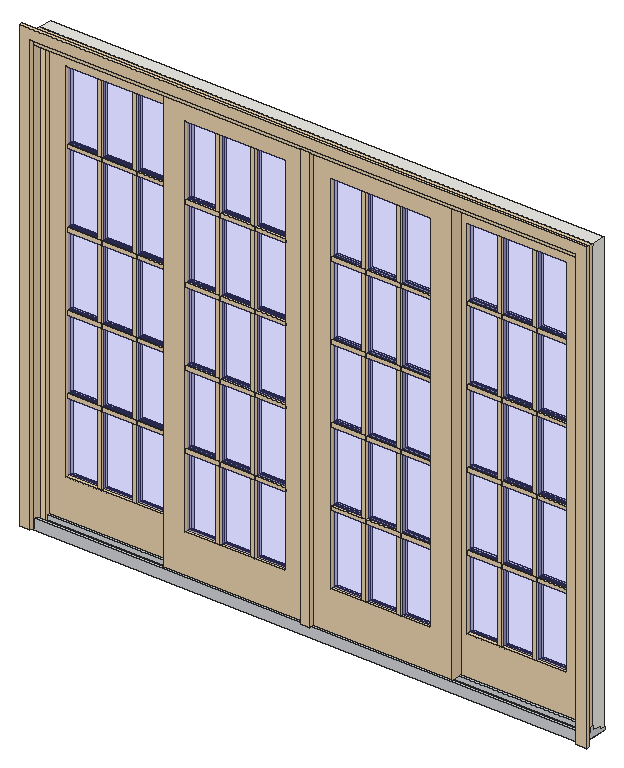
Revit family "Door-Gliding-Andersen-A_Series-Quad 4", category Doors, host Wall, Revit 2013 (continued)
Dimensions and locks (in)
  locked: plane 11 "Frame S1" to plane 10 "Flange" at 1.312
  locked: plane 59 "Panel1 S1" to plane 10 "Flange" at 0.166
  locked: plane 10 "Flange" to plane 68 "Panel 1 Glazing 1" at 0.248
  locked: plane 10 "Flange" to plane 75 "Panel1 Glazing2" at 0.373
  locked: plane 10 "Flange" to plane 78 "Panel1 Glazing3" at 0.88909
  locked: plane 10 "Flange" to plane 67 "Panel1 Glazing 4" at 1.01409
  locked: plane 10 "Flange" to plane 60 "Panel1 S2" at 1.554
  locked: plane 10 "Flange" to plane 53 "Stop Exterior" at 2.02065
  locked: plane 10 "Flange" to plane 50 "Panel2 S1" at 2.168
  locked: plane 10 "Flange" to plane 54 "Stop Interior" at 2.40669
  locked: plane 10 "Flange" to plane 66 "Panel2 Glazing 1" at 2.582
  locked: plane 10 "Flange" to plane 76 "Panel2 Glazing 2" at 2.707
  locked: plane 10 "Flange" to plane 77 "Panel2 Glazing3" at 3.22309
  locked: plane 10 "Flange" to plane 65 "Panel2 Glazing 4" at 3.34809
  locked: plane 10 "Flange" to plane 51 "Panel2 S2" at 3.888
  locked: plane 10 "Flange" to plane 9 "Frame S2" at 4.563
  "Wall Depth": host wall to plane 10 "Flange"
  locked: plane 3 "R Frame" to plane 56 "R Int Stop" at 1.969
  locked: plane 3 "R Frame" to plane 83 "R Ext Stop" at 1.572
  locked: plane 3 "R Frame" to plane 43 "R Panel1" at 1.1875
  locked: plane 3 "R Frame" to plane 82 "R Int Frame" at 1.016
  locked: plane 3 "R Frame" to plane 35 "R Xjamb 1" at 0.75
  locked: plane 3 "R Frame" to plane 34 "R Xjamb 2" at 0.125
  locked: plane 55 "L Int Stop" to plane 4 "L Frame" at 1.969
  locked: plane 80 "L Ext Stop" to plane 4 "L Frame" at 1.572
  locked: plane 42 "L Panel1" to plane 4 "L Frame" at 1.1875
  locked: plane 79 "L Int Frame" to plane 4 "L Frame" at 1.016
  locked: plane 38 "L Xjamb 1" to plane 4 "L Frame" at 0.75
  locked: plane 37 "L Xjamb 2" to plane 4 "L Frame" at 0.125
  plane 71 "L Slide Arrow" to curve 41 = 0' - 2.69739"
  plane 3 "R Frame" to plane 4 "L Frame" = 10' - 0"
  "H DLO": plane 49 "R Glazing1" to plane 63 "R Glazing2"
  "H DLO": plane 64 "L Glazing2" to plane 48 "L Glazing1"
  "H DLO": plane 73 "L Glazing4" to plane 62 "L Glazing3"
  "H DLO": plane 61 "R Glazing3" to plane 72 "R Glazing4"
  equal spacing: plane 72 "R Glazing4", plane 2 "Center (Left/Right)", plane 73 "L Glazing4", locked at 4.875 each
  locked: plane 63 "R Glazing2" to plane 85 "R Panel3" at 4.438
  locked: plane 84 "R Panel2" to plane 61 "R Glazing3" at 4.438
  locked: plane 86 "L Panel3" to plane 64 "L Glazing2" at 4.438
  locked: plane 62 "L Glazing3" to plane 87 "L Panel2" at 4.438
  locked: plane 91 to plane 87 "L Panel2" at 0.25
  locked: plane 86 "L Panel3" to plane 90 at 0.25
  locked: plane 89 to plane 85 "R Panel3" at 0.25
  locked: plane 84 "R Panel2" to plane 88 at 0.25
  locked: plane 74 "R Slide Arrow" to plane 72 "R Glazing4" at 8
  locked: plane 73 "L Glazing4" to plane 71 "L Slide Arrow" at 8
  "VGB DLO": nested 1 to plane 48 "L Glazing1"
  "VGB DLO": plane 62 "L Glazing3" to nested 2
  "VGB DLO": plane 72 "R Glazing4" to nested 7
  "VGB DLO": nested 4 to plane 63 "R Glazing2"
  equal spacing: plane 64 "L Glazing2", nested 3, plane 48 "L Glazing1"
  equal spacing: plane 62 "L Glazing3", nested 6, plane 73 "L Glazing4"
  equal spacing: plane 72 "R Glazing4", nested 8, plane 61 "R Glazing3"
  equal spacing: plane 49 "R Glazing1", nested 5, plane 63 "R Glazing2"
  group 23 to group 22 = 0' - 7.58333"
  group 22 to group 23 = 0' - 0"
  group 23 to group 22 = 0' - 0"
  group 25 to group 24 = 0' - 7.58333"
  group 24 to group 25 = 0' - 0"
  group 25 to group 24 = 0' - 0"
  group 27 to group 26 = 0' - 7.58333"
  group 26 to group 27 = 0' - 0"
  group 27 to group 26 = 0' - 0"
  group 29 to group 28 = 0' - 7.58333"
  group 28 to group 29 = 0' - 0"
  group 29 to group 28 = 0' - 0"
  "VGB DLO": nested 9 to plane 64 "L Glazing2"
  "VGB DLO": nested 10 to plane 73 "L Glazing4"
  "VGB DLO": plane 61 "R Glazing3" to nested 11
  "VGB DLO": plane 49 "R Glazing1" to nested 12
  "TS HGB DLO": nested 15 to plane 47 "T Glazing"
  "TS HGB DLO": nested 18 to plane 47 "T Glazing"
  "TS HGB DLO": nested 19 to plane 47 "T Glazing"
  "TS HGB DLO": nested 17 to plane 47 "T Glazing"
  equal spacing: plane 70 "Vertical Bar Length", nested 13, plane 47 "T Glazing"
  equal spacing: plane 70 "Vertical Bar Length", nested 14, plane 47 "T Glazing"
  equal spacing: plane 70 "Vertical Bar Length", nested 20, plane 47 "T Glazing"
  equal spacing: plane 70 "Vertical Bar Length", nested 16, plane 47 "T Glazing"
  equal spacing: group 30, group 40, group 41, group 31  (x2)
  equal spacing: group 31, group 41, group 40, group 30
  equal spacing: group 32, group 42, group 43, group 33  (x2)
  equal spacing: group 33, group 43, group 42, group 32
  equal spacing: group 34, group 44, group 45, group 35  (x2)
  equal spacing: group 35, group 45, group 44, group 34
  equal spacing: group 36, group 46, group 47, group 37  (x2)
  equal spacing: group 37, group 47, group 46, group 36
  "TS HGB DLO": plane 70 "Vertical Bar Length" to nested 21
  "TS HGB DLO": plane 70 "Vertical Bar Length" to nested 22
  "TS HGB DLO": plane 70 "Vertical Bar Length" to nested 23
  "TS HGB DLO": plane 70 "Vertical Bar Length" to nested 24
  "TS SH DLO": nested 25 to plane 5 "T Frame"
  "TS SH DLO": nested 28 to plane 5 "T Frame"
  "TS SH DLO": nested 27 to plane 5 "T Frame"
  "TS SH DLO": nested 26 to plane 5 "T Frame"
  locked: plane 92 to plane 2 "Center (Left/Right)" at 0.4375
  locked: plane 2 "Center (Left/Right)" to plane 93 at 0.4375
  equal spacing: curve 243, plane 2 "Center (Left/Right)", curve 241
  locked: plane 94 to plane 2 "Center (Left/Right)" at 1
  locked: plane 2 "Center (Left/Right)" to plane 95 at 1
  locked: plane 60 "Panel1 S2" to Extrusion 21 sketch curve at 0.125
  locked: plane 57 "T Stop" to Extrusion 21 sketch curve at 0.125
  locked: Sweep 22 sketch curve to plane 59 "Panel1 S1" at 0.09375
  aligned and locked: plane 6 "Wall S1" to host wall
  aligned and locked: plane 7 "Wall S2" to host wall
  aligned and locked: plane 5 "T Frame" to Extrusion 1 sketch curve
  aligned and locked: plane 4 "L Frame" to Extrusion 1 sketch curve
  aligned and locked: Extrusion 1 sketch curve to plane 3 "R Frame"
  aligned and locked: level to Extrusion 1 sketch curve
  aligned and locked: host wall to Extrusion 1
  aligned and locked: plane 10 "Flange" to Extrusion 1
  aligned and locked: level to Extrusion 2 sketch curve
  aligned and locked: level to Sweep 3 sketch curve  (x2)
  aligned and locked: plane 22 "L Casing 4" to Sweep 3 sketch curve  (x2)
  aligned and locked: plane 31 "T Casing 4" to Sweep 3 sketch curve
  aligned and locked: Sweep 3 sketch curve to plane 19 "R Casing 4"
  aligned and locked: plane 23 "L Casing 3" to Sweep 3 sketch curve
  aligned and locked: plane 12 "Casing S2" to Sweep 3 sketch curve
  aligned and locked: plane 24 "L Casing 2" to Sweep 3 sketch curve
  aligned and locked: Sweep 3 sketch curve to plane 13 "Casing S1"
  aligned and locked: plane 10 "Flange" to Sweep 3 sketch curve
  aligned and locked: Sweep 3 sketch curve to plane 25 "L Casing 1"
  aligned and locked: Sweep 3 sketch curve to plane 12 "Casing S2"
  aligned and locked: level to Extrusion 4 sketch curve  (x2)
  aligned and locked: plane 22 "L Casing 4" to Extrusion 4 sketch curve
  aligned and locked: Extrusion 4 sketch curve to plane 25 "L Casing 1"
  aligned and locked: plane 31 "T Casing 4" to Extrusion 4 sketch curve
  aligned and locked: Extrusion 4 sketch curve to plane 28 "T Casing 1"
  aligned and locked: Extrusion 4 sketch curve to plane 19 "R Casing 4"
  aligned and locked: plane 16 "R Casing 1" to Extrusion 4 sketch curve
  aligned and locked: Extrusion 4 to plane 10 "Flange"
  aligned and locked: plane 12 "Casing S2" to Sweep 3
  aligned and locked: plane 28 "T Casing 1" to curve 3
  aligned and locked: plane 5 "T Frame" to Masking region 1 sketch curve
  aligned and locked: Masking region 1 sketch curve to plane 10 "Flange"
  aligned and locked: Masking region 1 sketch curve to plane 31 "T Casing 4"
  aligned and locked: plane 13 "Casing S1" to Masking region 1 sketch curve
  aligned and locked: Masking region 1 sketch curve to plane 11 "Frame S1"
  aligned and locked: plane 11 "Frame S1" to curve 4
  aligned and locked: Masking region 2 sketch curve to plane 3 "R Frame"
  aligned and locked: plane 4 "L Frame" to Masking region 2 sketch curve
  aligned and locked: plane 5 "T Frame" to Masking region 3 sketch curve
  aligned and locked: plane 9 "Frame S2" to Masking region 3 sketch curve
  aligned and locked: Masking region 3 sketch curve to plane 11 "Frame S1"
  aligned and locked: level to Masking region 3 sketch curve
  aligned and locked: plane 13 "Casing S1" to Masking region 4 sketch curve
  aligned and locked: plane 18 "R Casing 3" to Masking region 4 sketch curve
  aligned and locked: Masking region 4 sketch curve to plane 19 "R Casing 4"
  aligned and locked: plane 16 "R Casing 1" to Masking region 4 sketch curve
  aligned and locked: plane 11 "Frame S1" to Masking region 4 sketch curve
  aligned and locked: plane 3 "R Frame" to Masking region 4 sketch curve
  aligned and locked: Masking region 4 sketch curve to plane 12 "Casing S2"
  aligned and locked: plane 17 "R Casing 2" to Masking region 4 sketch curve
  aligned and locked: Masking region 4 sketch curve to plane 13 "Casing S1"
  aligned and locked: plane 24 "L Casing 2" to Masking region 5 sketch curve
  aligned and locked: plane 13 "Casing S1" to Masking region 5 sketch curve  (x2)
  aligned and locked: Masking region 5 sketch curve to plane 22 "L Casing 4"
  aligned and locked: plane 4 "L Frame" to Masking region 5 sketch curve
  aligned and locked: Masking region 5 sketch curve to plane 11 "Frame S1"
  aligned and locked: plane 25 "L Casing 1" to Masking region 5 sketch curve
  aligned and locked: plane 12 "Casing S2" to Masking region 5 sketch curve
  aligned and locked: plane 23 "L Casing 3" to Masking region 5 sketch curve
  aligned and locked: Masking region 6 sketch curve to plane 13 "Casing S1"
  aligned and locked: Masking region 6 sketch curve to plane 19 "R Casing 4"
  aligned and locked: plane 10 "Flange" to Masking region 6 sketch curve
  aligned and locked: plane 3 "R Frame" to Masking region 6 sketch curve
  aligned and locked: Masking region 7 sketch curve to plane 13 "Casing S1"
  aligned and locked: Masking region 7 sketch curve to plane 4 "L Frame"
  aligned and locked: plane 10 "Flange" to Masking region 7 sketch curve
  aligned and locked: plane 22 "L Casing 4" to Masking region 7 sketch curve
  aligned and locked: curve 4 to plane 5 "T Frame"
  aligned and locked: level to Extrusion 5 sketch curve  (x2)
  aligned and locked: Extrusion 5 sketch curve to plane 33 "R Int Casing"
  aligned and locked: plane 35 "R Xjamb 1" to Extrusion 5 sketch curve
  aligned and locked: plane 39 "T Int Casing" to Extrusion 5 sketch curve
  aligned and locked: Extrusion 5 sketch curve to plane 41 "T Xjamb 1"
  aligned and locked: plane 36 "L Int Casing" to Extrusion 5 sketch curve
  aligned and locked: Extrusion 5 sketch curve to plane 38 "L Xjamb 1"
  aligned and locked: Extrusion 5 to host wall
  aligned and locked: Extrusion 5 to plane 8 "Interior Casing"
  aligned and locked: level to Extrusion 6 sketch curve  (x2)
  aligned and locked: plane 35 "R Xjamb 1" to Extrusion 6 sketch curve
  aligned and locked: Extrusion 6 sketch curve to plane 34 "R Xjamb 2"
  aligned and locked: Extrusion 6 sketch curve to plane 41 "T Xjamb 1"
  aligned and locked: plane 40 "T Xjamb 2" to Extrusion 6 sketch curve
  aligned and locked: Extrusion 6 sketch curve to plane 38 "L Xjamb 1"
  aligned and locked: plane 37 "L Xjamb 2" to Extrusion 6 sketch curve
  aligned and locked: plane 52 "Xjamb S1" to Extrusion 6
  aligned and locked: host wall to Extrusion 6
  aligned and locked: plane 10 "Flange" to Masking region 4 sketch curve
  aligned and locked: Masking region 5 sketch curve to plane 10 "Flange"
  aligned and locked: plane 4 "L Frame" to Sweep 7 sketch curve
  aligned and locked: plane 3 "R Frame" to Sweep 7 sketch curve
  aligned and locked: Sweep 7 sketch curve to level
  aligned and locked: Masking region 8 sketch curve to plane 19 "R Casing 4"
  aligned and locked: plane 22 "L Casing 4" to Masking region 8 sketch curve
  aligned and locked: level to Masking region 8 sketch curve  (x2)
  aligned and locked: level to Masking region 9 sketch curve  (x2)
  aligned and locked: plane 36 "L Int Casing" to Masking region 9 sketch curve
  aligned and locked: Masking region 9 sketch curve to plane 33 "R Int Casing"
  aligned and locked: plane 39 "T Int Casing" to Masking region 9 sketch curve
  aligned and locked: plane 31 "T Casing 4" to Masking region 8 sketch curve
  aligned and locked: plane 12 "Casing S2" to curve 2
  aligned and locked: Sweep 3 to plane 10 "Flange"
  aligned and locked: plane 5 "T Frame" to curve 6
  aligned and locked: Masking region 9 sketch curve to plane 38 "L Xjamb 1"
  aligned and locked: plane 35 "R Xjamb 1" to Masking region 9 sketch curve
  aligned and locked: Masking region 9 sketch curve to plane 41 "T Xjamb 1"
  aligned and locked: plane 4 "L Frame" to Masking region 10 sketch curve
  aligned and locked: plane 5 "T Frame" to Masking region 10 sketch curve
  aligned and locked: Masking region 10 sketch curve to plane 3 "R Frame"
  aligned and locked: level to Masking region 10 sketch curve
  aligned and locked: Masking region 10 sketch curve to plane 45 "B Panel"
  aligned and locked: plane 55 "L Int Stop" to Masking region 10 sketch curve
  aligned and locked: Masking region 10 sketch curve to plane 56 "R Int Stop"
  aligned and locked: plane 57 "T Stop" to Masking region 10 sketch curve
  aligned and locked: Masking region 11 sketch curve to plane 45 "B Panel"
  aligned and locked: plane 44 "T Panel" to Masking region 11 sketch curve
  aligned and locked: plane 60 "Panel1 S2" to curve 19
  aligned and locked: curve 18 to plane 45 "B Panel"
  aligned and locked: curve 17 to plane 59 "Panel1 S1"
  aligned and locked: plane 44 "T Panel" to curve 16
  aligned and locked: curve 21 to plane 50 "Panel2 S1"
  aligned and locked: curve 22 to plane 45 "B Panel"
  aligned and locked: plane 51 "Panel2 S2" to curve 23
  aligned and locked: plane 44 "T Panel" to curve 20
  aligned and locked: Masking region 12 sketch curve to plane 33 "R Int Casing"
  aligned and locked: host wall to Masking region 12 sketch curve
  aligned and locked: plane 35 "R Xjamb 1" to Masking region 12 sketch curve
  aligned and locked: plane 8 "Interior Casing" to Masking region 12 sketch curve
  aligned and locked: Masking region 13 sketch curve to plane 52 "Xjamb S1"
  aligned and locked: Masking region 13 sketch curve to host wall
  aligned and locked: Masking region 13 sketch curve to plane 34 "R Xjamb 2"
  aligned and locked: plane 35 "R Xjamb 1" to Masking region 13 sketch curve
  aligned and locked: host wall to Masking region 14 sketch curve
  aligned and locked: plane 36 "L Int Casing" to Masking region 14 sketch curve
  aligned and locked: plane 8 "Interior Casing" to Masking region 14 sketch curve
  aligned and locked: Masking region 14 sketch curve to plane 38 "L Xjamb 1"
  aligned and locked: Masking region 15 sketch curve to plane 38 "L Xjamb 1"
  aligned and locked: Masking region 15 sketch curve to host wall
  aligned and locked: plane 37 "L Xjamb 2" to Masking region 15 sketch curve
  aligned and locked: Masking region 15 sketch curve to plane 52 "Xjamb S1"
  aligned and locked: plane 7 "Wall S2" to Masking region 16 sketch curve
  aligned and locked: level to Masking region 16 sketch curve
  aligned and locked: plane 8 "Interior Casing" to Masking region 16 sketch curve
  aligned and locked: plane 39 "T Int Casing" to Masking region 16 sketch curve
  aligned and locked: plane 8 "Interior Casing" to curve 38
  aligned and locked: plane 41 "T Xjamb 1" to curve 38
  aligned and locked: Masking region 17 sketch curve to plane 52 "Xjamb S1"
  aligned and locked: level to Masking region 17 sketch curve
  aligned and locked: Masking region 17 sketch curve to host wall
  aligned and locked: plane 40 "T Xjamb 2" to Masking region 17 sketch curve
  aligned and locked: plane 52 "Xjamb S1" to curve 39
  aligned and locked: host wall to curve 39
  aligned and locked: plane 41 "T Xjamb 1" to curve 39
  aligned and locked: plane 42 "L Panel1" to curve 5
  aligned and locked: curve 40 to plane 69 "Panel Elevation Center"
  aligned and locked: plane 71 "L Slide Arrow" to curve 42
  aligned and locked: plane 69 "Panel Elevation Center" to curve 129
  aligned and locked: curve 131 to plane 74 "R Slide Arrow"
  aligned and locked: plane 30 "T Casing 3" to curve 1
  aligned and locked: plane 13 "Casing S1" to curve 1
  aligned and locked: plane 13 "Casing S1" to curve 4
  aligned and locked: plane 13 "Casing S1" to curve 132
  aligned and locked: plane 10 "Flange" to curve 132
  aligned and locked: plane 31 "T Casing 4" to curve 132
  aligned and locked: plane 9 "Frame S2" to curve 133
  aligned and locked: plane 4 "L Frame" to Masking region 8 sketch curve
  aligned and locked: plane 5 "T Frame" to Masking region 8 sketch curve
  aligned and locked: Masking region 8 sketch curve to plane 3 "R Frame"
  aligned and locked: plane 9 "Frame S2" to Masking region 2 sketch curve
  aligned and locked: plane 4 "L Frame" to curve 164
  aligned and locked: curve 164 to plane 10 "Flange"
  aligned and locked: plane 3 "R Frame" to curve 166
  aligned and locked: plane 10 "Flange" to curve 166
  aligned and locked: Extrusion 8 sketch curve to plane 60 "Panel1 S2"  (x2)
  aligned and locked: plane 4 "L Frame" to Extrusion 8 sketch curve
  aligned and locked: plane 9 "Frame S2" to Extrusion 8 sketch curve  (x2)
  aligned and locked: Extrusion 8 sketch curve to plane 79 "L Int Frame"
  aligned and locked: Extrusion 8 sketch curve to curve 142
  aligned and locked: Extrusion 8 sketch curve to curve 141
  aligned and locked: Extrusion 8 sketch curve to plane 55 "L Int Stop"
  aligned and locked: Extrusion 8 sketch curve to plane 3 "R Frame"
  aligned and locked: plane 56 "R Int Stop" to Extrusion 8 sketch curve
  aligned and locked: plane 82 "R Int Frame" to Extrusion 8 sketch curve
  aligned and locked: Extrusion 8 sketch curve to curve 162
  aligned and locked: Extrusion 8 sketch curve to curve 161
  aligned and locked: Extrusion 8 to plane 5 "T Frame"
  aligned and locked: Extrusion 8 to level
  aligned and locked: plane 48 "L Glazing1" to curve 168
  aligned and locked: plane 60 "Panel1 S2" to curve 69
  aligned and locked: curve 171 to plane 64 "L Glazing2"
  aligned and locked: plane 60 "Panel1 S2" to curve 81
  aligned and locked: curve 173 to plane 62 "L Glazing3"
  aligned and locked: plane 51 "Panel2 S2" to curve 87
  aligned and locked: curve 175 to plane 73 "L Glazing4"
  aligned and locked: plane 51 "Panel2 S2" to curve 93
  aligned and locked: curve 177 to plane 72 "R Glazing4"
  aligned and locked: plane 51 "Panel2 S2" to curve 103
  aligned and locked: plane 61 "R Glazing3" to curve 179
  aligned and locked: plane 51 "Panel2 S2" to curve 109
  aligned and locked: plane 63 "R Glazing2" to curve 181
  aligned and locked: plane 60 "Panel1 S2" to curve 119
  aligned and locked: plane 49 "R Glazing1" to curve 183
  aligned and locked: plane 60 "Panel1 S2" to curve 125
  aligned and locked: curve 212 to plane 59 "Panel1 S1"
  aligned and locked: curve 211 to plane 51 "Panel2 S2"
  aligned and locked: curve 205 to plane 60 "Panel1 S2"
  aligned and locked: plane 59 "Panel1 S1" to curve 203
  aligned and locked: plane 59 "Panel1 S1" to curve 222
  aligned and locked: plane 60 "Panel1 S2" to curve 222
  aligned and locked: plane 49 "R Glazing1" to curve 222
  aligned and locked: plane 63 "R Glazing2" to curve 221
  aligned and locked: plane 61 "R Glazing3" to curve 220
  aligned and locked: plane 50 "Panel2 S1" to curve 219
  aligned and locked: plane 51 "Panel2 S2" to curve 219
  aligned and locked: curve 219 to plane 72 "R Glazing4"
  aligned and locked: curve 218 to plane 73 "L Glazing4"
  aligned and locked: plane 50 "Panel2 S1" to curve 217
  aligned and locked: plane 51 "Panel2 S2" to curve 217
  aligned and locked: curve 217 to plane 62 "L Glazing3"
  aligned and locked: plane 59 "Panel1 S1" to curve 215
  aligned and locked: curve 215 to plane 64 "L Glazing2"
  aligned and locked: plane 48 "L Glazing1" to curve 216
  aligned and locked: plane 48 "L Glazing1" to curve 15
  aligned and locked: plane 48 "L Glazing1" to curve 11
  aligned and locked: plane 48 "L Glazing1" to curve 10
  aligned and locked: plane 48 "L Glazing1" to curve 14
  aligned and locked: plane 64 "L Glazing2" to curve 15
  aligned and locked: plane 64 "L Glazing2" to curve 11
  aligned and locked: plane 64 "L Glazing2" to curve 10
  aligned and locked: plane 64 "L Glazing2" to curve 14
  aligned and locked: plane 62 "L Glazing3" to curve 9
  aligned and locked: plane 62 "L Glazing3" to curve 8
  aligned and locked: plane 62 "L Glazing3" to curve 13
  aligned and locked: plane 62 "L Glazing3" to curve 12
  aligned and locked: plane 73 "L Glazing4" to curve 9
  aligned and locked: plane 73 "L Glazing4" to curve 8
  aligned and locked: plane 73 "L Glazing4" to curve 13
  aligned and locked: plane 73 "L Glazing4" to curve 12
  aligned and locked: plane 72 "R Glazing4" to curve 98
  aligned and locked: plane 72 "R Glazing4" to curve 100
  aligned and locked: plane 72 "R Glazing4" to curve 99
  aligned and locked: plane 72 "R Glazing4" to curve 97
  aligned and locked: plane 61 "R Glazing3" to curve 98
  aligned and locked: plane 61 "R Glazing3" to curve 100
  aligned and locked: plane 61 "R Glazing3" to curve 99
  aligned and locked: plane 61 "R Glazing3" to curve 97
  aligned and locked: plane 63 "R Glazing2" to curve 114
  aligned and locked: plane 63 "R Glazing2" to curve 116
  aligned and locked: plane 63 "R Glazing2" to curve 115
  aligned and locked: plane 63 "R Glazing2" to curve 113
  aligned and locked: plane 49 "R Glazing1" to curve 114
  aligned and locked: plane 49 "R Glazing1" to curve 116
  aligned and locked: plane 49 "R Glazing1" to curve 115
  aligned and locked: plane 49 "R Glazing1" to curve 113
  aligned and locked: plane 67 "Panel1 Glazing 4" to curve 113
  aligned and locked: plane 78 "Panel1 Glazing3" to curve 115
  aligned and locked: curve 116 to plane 75 "Panel1 Glazing2"
  aligned and locked: curve 114 to plane 68 "Panel 1 Glazing 1"
  aligned and locked: plane 65 "Panel2 Glazing 4" to curve 97
  aligned and locked: plane 77 "Panel2 Glazing3" to curve 99
  aligned and locked: curve 100 to plane 76 "Panel2 Glazing 2"
  aligned and locked: curve 98 to plane 66 "Panel2 Glazing 1"
  aligned and locked: plane 65 "Panel2 Glazing 4" to curve 12
  aligned and locked: curve 13 to plane 77 "Panel2 Glazing3"
  aligned and locked: plane 76 "Panel2 Glazing 2" to curve 8
  aligned and locked: curve 9 to plane 66 "Panel2 Glazing 1"
  aligned and locked: plane 67 "Panel1 Glazing 4" to curve 14
  aligned and locked: plane 78 "Panel1 Glazing3" to curve 10
  aligned and locked: curve 11 to plane 75 "Panel1 Glazing2"
  aligned and locked: curve 15 to plane 68 "Panel 1 Glazing 1"
  aligned and locked: Masking region 11 sketch curve to plane 87 "L Panel2"
  aligned and locked: plane 84 "R Panel2" to Masking region 11 sketch curve
  aligned and locked: plane 42 "L Panel1" to Extrusion 9 sketch curve
  aligned and locked: plane 44 "T Panel" to Extrusion 9 sketch curve  (x2)
  aligned and locked: Extrusion 9 sketch curve to plane 45 "B Panel"  (x2)
  aligned and locked: plane 48 "L Glazing1" to Extrusion 9 sketch curve
  aligned and locked: plane 64 "L Glazing2" to Extrusion 9 sketch curve
  aligned and locked: plane 47 "T Glazing" to Extrusion 9 sketch curve  (x2)
  aligned and locked: Extrusion 9 sketch curve to plane 43 "R Panel1"
  aligned and locked: plane 63 "R Glazing2" to Extrusion 9 sketch curve
  aligned and locked: Extrusion 9 sketch curve to plane 49 "R Glazing1"
  aligned and locked: Extrusion 9 to plane 60 "Panel1 S2"
  aligned and locked: plane 68 "Panel 1 Glazing 1" to Extrusion 9
  aligned and locked: plane 44 "T Panel" to Extrusion 10 sketch curve  (x2)
  aligned and locked: Extrusion 10 sketch curve to plane 86 "L Panel3"
  aligned and locked: plane 42 "L Panel1" to Extrusion 10 sketch curve
  aligned and locked: Extrusion 10 sketch curve to plane 45 "B Panel"  (x2)
  aligned and locked: plane 48 "L Glazing1" to Extrusion 10 sketch curve
  aligned and locked: plane 64 "L Glazing2" to Extrusion 10 sketch curve
  aligned and locked: plane 47 "T Glazing" to Extrusion 10 sketch curve  (x2)
  aligned and locked: Extrusion 10 sketch curve to plane 43 "R Panel1"
  aligned and locked: plane 85 "R Panel3" to Extrusion 10 sketch curve
  aligned and locked: Extrusion 10 sketch curve to plane 49 "R Glazing1"
  aligned and locked: plane 63 "R Glazing2" to Extrusion 10 sketch curve
  aligned and locked: Extrusion 10 to plane 68 "Panel 1 Glazing 1"
  aligned and locked: plane 59 "Panel1 S1" to Extrusion 10
  aligned and locked: Extrusion 10 sketch curve to plane 46 "B Glazing"  (x2)
  aligned and locked: Extrusion 9 sketch curve to plane 46 "B Glazing"  (x2)
  aligned and locked: plane 44 "T Panel" to Extrusion 11 sketch curve  (x2)
  aligned and locked: plane 87 "L Panel2" to Extrusion 11 sketch curve
  aligned and locked: Extrusion 11 sketch curve to plane 45 "B Panel"  (x2)
  aligned and locked: Extrusion 11 sketch curve to plane 62 "L Glazing3"
  aligned and locked: Extrusion 11 sketch curve to plane 46 "B Glazing"  (x2)
  aligned and locked: plane 73 "L Glazing4" to Extrusion 11 sketch curve
  aligned and locked: plane 47 "T Glazing" to Extrusion 11 sketch curve  (x2)
  aligned and locked: Extrusion 11 sketch curve to plane 84 "R Panel2"
  aligned and locked: Extrusion 11 sketch curve to plane 72 "R Glazing4"
  aligned and locked: Extrusion 11 sketch curve to plane 61 "R Glazing3"
  aligned and locked: Extrusion 11 to plane 51 "Panel2 S2"
  aligned and locked: plane 66 "Panel2 Glazing 1" to Extrusion 11
  aligned and locked: Extrusion 12 sketch curve to plane 45 "B Panel"  (x2)
  aligned and locked: plane 44 "T Panel" to Extrusion 12 sketch curve  (x2)
  aligned and locked: plane 47 "T Glazing" to Extrusion 12 sketch curve  (x2)
  aligned and locked: plane 73 "L Glazing4" to Extrusion 12 sketch curve
  aligned and locked: Extrusion 12 sketch curve to plane 62 "L Glazing3"
  aligned and locked: Extrusion 12 sketch curve to plane 46 "B Glazing"  (x2)
  aligned and locked: Extrusion 12 sketch curve to plane 61 "R Glazing3"
  aligned and locked: Extrusion 12 sketch curve to plane 72 "R Glazing4"
  aligned and locked: Extrusion 12 to plane 66 "Panel2 Glazing 1"
  aligned and locked: plane 50 "Panel2 S1" to Extrusion 12
  aligned and locked: plane 47 "T Glazing" to Extrusion 13 sketch curve  (x2)
  aligned and locked: Extrusion 13 sketch curve to plane 62 "L Glazing3"
  aligned and locked: plane 73 "L Glazing4" to Extrusion 13 sketch curve
  aligned and locked: Extrusion 13 sketch curve to plane 46 "B Glazing"  (x2)
  aligned and locked: Extrusion 13 sketch curve to plane 72 "R Glazing4"
  aligned and locked: Extrusion 13 sketch curve to plane 61 "R Glazing3"
  aligned and locked: Extrusion 13 to plane 65 "Panel2 Glazing 4"
  aligned and locked: plane 66 "Panel2 Glazing 1" to Extrusion 13
  aligned and locked: plane 47 "T Glazing" to Extrusion 14 sketch curve  (x2)
  aligned and locked: plane 48 "L Glazing1" to Extrusion 14 sketch curve
  aligned and locked: Extrusion 14 sketch curve to plane 46 "B Glazing"  (x2)
  aligned and locked: plane 64 "L Glazing2" to Extrusion 14 sketch curve
  aligned and locked: plane 63 "R Glazing2" to Extrusion 14 sketch curve
  aligned and locked: Extrusion 14 sketch curve to plane 49 "R Glazing1"
  aligned and locked: Extrusion 14 to plane 67 "Panel1 Glazing 4"
  aligned and locked: plane 68 "Panel 1 Glazing 1" to Extrusion 14
  aligned and locked: Extrusion 9 sketch curve to plane 90
  aligned and locked: plane 89 to Extrusion 9 sketch curve
  aligned and locked: plane 91 to Extrusion 12 sketch curve
  aligned and locked: Extrusion 12 sketch curve to plane 88
  aligned and locked: plane 44 "T Panel" to Extrusion 15 sketch curve  (x2)
  aligned and locked: plane 87 "L Panel2" to Extrusion 15 sketch curve
  aligned and locked: Extrusion 15 sketch curve to plane 91
  aligned and locked: Extrusion 15 sketch curve to plane 45 "B Panel"  (x2)
  aligned and locked: plane 88 to Extrusion 15 sketch curve
  aligned and locked: Extrusion 15 sketch curve to plane 84 "R Panel2"
  aligned and locked: Extrusion 15 to plane 51 "Panel2 S2"
  aligned and locked: plane 60 "Panel1 S2" to Extrusion 15
  aligned and locked: plane 90 to Extrusion 16 sketch curve
  aligned and locked: Extrusion 16 sketch curve to plane 86 "L Panel3"
  aligned and locked: plane 44 "T Panel" to Extrusion 16 sketch curve  (x2)
  aligned and locked: Extrusion 16 sketch curve to plane 45 "B Panel"  (x2)
  aligned and locked: plane 85 "R Panel3" to Extrusion 16 sketch curve
  aligned and locked: Extrusion 16 sketch curve to plane 89
  aligned and locked: Extrusion 16 to plane 50 "Panel2 S1"
  aligned and locked: plane 59 "Panel1 S1" to Extrusion 16
  aligned and locked: plane 48 "L Glazing1" to curve 224
  aligned and locked: plane 47 "T Glazing" to curve 223
  aligned and locked: plane 64 "L Glazing2" to curve 226
  aligned and locked: curve 225 to plane 46 "B Glazing"
  aligned and locked: curve 228 to plane 62 "L Glazing3"
  aligned and locked: curve 229 to plane 46 "B Glazing"
  aligned and locked: plane 73 "L Glazing4" to curve 230
  aligned and locked: plane 47 "T Glazing" to curve 227
  aligned and locked: curve 232 to plane 72 "R Glazing4"
  aligned and locked: plane 47 "T Glazing" to curve 231
  aligned and locked: curve 234 to plane 61 "R Glazing3"
  aligned and locked: curve 233 to plane 46 "B Glazing"
  aligned and locked: plane 63 "R Glazing2" to curve 236
  aligned and locked: curve 237 to plane 46 "B Glazing"
  aligned and locked: curve 238 to plane 49 "R Glazing1"
  aligned and locked: plane 47 "T Glazing" to curve 235
  aligned and locked: plane 43 "R Panel1" to curve 212
  aligned and locked: plane 42 "L Panel1" to curve 203
  aligned and locked: plane 43 "R Panel1" to curve 214
  aligned and locked: plane 42 "L Panel1" to curve 205
  aligned and locked: plane 42 "L Panel1" to Masking region 18 sketch curve
  aligned and locked: plane 44 "T Panel" to Masking region 18 sketch curve  (x2)
  aligned and locked: Masking region 18 sketch curve to plane 45 "B Panel"  (x2)
  aligned and locked: Masking region 18 sketch curve to plane 43 "R Panel1"
  aligned and locked: plane 85 "R Panel3" to Masking region 18 sketch curve
  aligned and locked: Masking region 18 sketch curve to plane 86 "L Panel3"
  aligned and locked: nested 1 to plane 47 "T Glazing"
  aligned and locked: nested 3 to plane 47 "T Glazing"
  aligned and locked: nested 9 to plane 47 "T Glazing"
  aligned and locked: nested 2 to plane 47 "T Glazing"
  aligned and locked: nested 6 to plane 47 "T Glazing"
  aligned and locked: nested 10 to plane 47 "T Glazing"
  aligned and locked: nested 7 to plane 47 "T Glazing"
  aligned and locked: nested 8 to plane 47 "T Glazing"
  aligned and locked: nested 11 to plane 47 "T Glazing"
  aligned and locked: nested 4 to plane 47 "T Glazing"
  aligned and locked: nested 5 to plane 47 "T Glazing"
  aligned and locked: nested 12 to plane 47 "T Glazing"
  aligned and locked: nested 15 to plane 48 "L Glazing1"
  aligned and locked: nested 13 to plane 48 "L Glazing1"
  aligned and locked: plane 62 "L Glazing3" to nested 18
  aligned and locked: plane 62 "L Glazing3" to nested 14
  aligned and locked: plane 72 "R Glazing4" to nested 19
  aligned and locked: plane 72 "R Glazing4" to nested 20
  aligned and locked: nested 17 to plane 63 "R Glazing2"
  aligned and locked: nested 16 to plane 63 "R Glazing2"
  aligned and locked: nested 21 to plane 48 "L Glazing1"
  aligned and locked: plane 62 "L Glazing3" to nested 22
  aligned and locked: plane 72 "R Glazing4" to nested 23
  aligned and locked: nested 24 to plane 63 "R Glazing2"
  aligned and locked: nested 26 to plane 48 "L Glazing1"
  aligned and locked: plane 62 "L Glazing3" to nested 27
  aligned and locked: plane 72 "R Glazing4" to nested 28
  aligned and locked: nested 25 to plane 63 "R Glazing2"
  aligned and locked: plane 60 "Panel1 S2" to curve 210
  aligned and locked: plane 50 "Panel2 S1" to curve 213
  aligned and locked: plane 60 "Panel1 S2" to curve 208
  aligned and locked: Extrusion 11 sketch curve to plane 93
  aligned and locked: plane 92 to Extrusion 11 sketch curve
  aligned and locked: plane 93 to Extrusion 12 sketch curve
  aligned and locked: Extrusion 12 sketch curve to plane 92
  aligned and locked: plane 92 to curve 211
  aligned and locked: plane 92 to curve 209
  aligned and locked: plane 93 to curve 206
  aligned and locked: plane 93 to curve 207
  aligned and locked: curve 245 to plane 9 "Frame S2"
  aligned and locked: Extrusion 17 sketch curve to plane 45 "B Panel"
  aligned and locked: plane 57 "T Stop" to Extrusion 17 sketch curve
  aligned and locked: Extrusion 17 sketch curve to plane 95
  aligned and locked: plane 94 to Extrusion 17 sketch curve
  aligned and locked: Extrusion 17 to plane 50 "Panel2 S1"
  aligned and locked: plane 68 "Panel 1 Glazing 1" to Extrusion 17
  aligned and locked: Extrusion 18 sketch curve to plane 45 "B Panel"
  aligned and locked: plane 57 "T Stop" to Extrusion 18 sketch curve
  aligned and locked: Extrusion 18 sketch curve to plane 95
  aligned and locked: plane 94 to Extrusion 18 sketch curve
  aligned and locked: Extrusion 18 to plane 9 "Frame S2"
  aligned and locked: plane 51 "Panel2 S2" to Extrusion 18
  aligned and locked: Masking region 19 sketch curve to plane 45 "B Panel"
  aligned and locked: plane 57 "T Stop" to Masking region 19 sketch curve
  aligned and locked: Masking region 19 sketch curve to plane 95
  aligned and locked: plane 94 to Masking region 19 sketch curve
  aligned and locked: plane 5 "T Frame" to curve 265
  aligned and locked: plane 10 "Flange" to curve 265
  aligned and locked: plane 47 "T Glazing" to curve 45
  aligned and locked: curve 28 to plane 68 "Panel 1 Glazing 1"
  aligned and locked: plane 47 "T Glazing" to curve 60
  aligned and locked: curve 55 to plane 66 "Panel2 Glazing 1"
  aligned and locked: plane 70 "Vertical Bar Length" to curve 54
  aligned and locked: plane 68 "Panel 1 Glazing 1" to curve 49
  aligned and locked: plane 70 "Vertical Bar Length" to curve 66
  aligned and locked: plane 66 "Panel2 Glazing 1" to curve 61
  aligned and locked: plane 47 "T Glazing" to curve 24
  aligned and locked: plane 47 "T Glazing" to curve 34
  aligned and locked: plane 47 "T Glazing" to curve 35
  aligned and locked: plane 47 "T Glazing" to curve 25
  aligned and locked: plane 70 "Vertical Bar Length" to curve 24
  aligned and locked: plane 70 "Vertical Bar Length" to curve 34
  aligned and locked: plane 70 "Vertical Bar Length" to curve 35
  aligned and locked: plane 70 "Vertical Bar Length" to curve 25
  aligned and locked: plane 47 "T Glazing" to curve 26
  aligned and locked: plane 47 "T Glazing" to curve 36
  aligned and locked: plane 47 "T Glazing" to curve 37
  aligned and locked: plane 47 "T Glazing" to curve 27
  aligned and locked: plane 70 "Vertical Bar Length" to curve 26
  aligned and locked: plane 70 "Vertical Bar Length" to curve 36
  aligned and locked: plane 70 "Vertical Bar Length" to curve 37
  aligned and locked: plane 70 "Vertical Bar Length" to curve 27
  aligned and locked: curve 24 to plane 68 "Panel 1 Glazing 1"
  aligned and locked: curve 34 to plane 75 "Panel1 Glazing2"
  aligned and locked: plane 67 "Panel1 Glazing 4" to curve 25
  aligned and locked: plane 78 "Panel1 Glazing3" to curve 35
  aligned and locked: plane 65 "Panel2 Glazing 4" to curve 27
  aligned and locked: plane 77 "Panel2 Glazing3" to curve 37
  aligned and locked: curve 26 to plane 66 "Panel2 Glazing 1"
  aligned and locked: curve 36 to plane 76 "Panel2 Glazing 2"
  aligned and locked: level to curve 298
  aligned and locked: plane 9 "Frame S2" to curve 298
  aligned and locked: plane 9 "Frame S2" to Sweep 7 sketch curve
  aligned and locked: Sweep 7 sketch curve to plane 51 "Panel2 S2"
  aligned and locked: Sweep 7 sketch curve to plane 50 "Panel2 S1"
  aligned and locked: Sweep 7 sketch curve to plane 60 "Panel1 S2"
  aligned and locked: curve 295 to Sweep 7 sketch curve
  aligned and locked: Sweep 7 sketch curve to plane 59 "Panel1 S1"
  aligned and locked: Sweep 7 sketch curve to curve 288
  aligned and locked: Sweep 7 sketch curve to curve 289
  aligned and locked: curve 299 to Sweep 7 sketch curve
  aligned and locked: Masking region 3 sketch curve to Sweep 7
  aligned and locked: Sweep 7 to Masking region 3 sketch curve
  aligned and locked: Extrusion 19 sketch curve to plane 59 "Panel1 S1"
  aligned and locked: plane 45 "B Panel" to Extrusion 19 sketch curve
  aligned and locked: plane 60 "Panel1 S2" to Extrusion 19 sketch curve
  aligned and locked: Extrusion 19 sketch curve to Sweep 7
  aligned and locked: plane 86 "L Panel3" to Extrusion 19
  aligned and locked: Extrusion 19 to plane 42 "L Panel1"
  aligned and locked: Extrusion 20 sketch curve to plane 59 "Panel1 S1"
  aligned and locked: plane 45 "B Panel" to Extrusion 20 sketch curve
  aligned and locked: plane 60 "Panel1 S2" to Extrusion 20 sketch curve
  aligned and locked: Extrusion 20 sketch curve to Sweep 7
  aligned and locked: Extrusion 20 to plane 85 "R Panel3"
  aligned and locked: plane 43 "R Panel1" to Extrusion 20
  aligned and locked: Extrusion 21 sketch curve to plane 57 "T Stop"
  aligned and locked: plane 9 "Frame S2" to Extrusion 21 sketch curve
  aligned and locked: plane 5 "T Frame" to Extrusion 21 sketch curve
  aligned and locked: Extrusion 21 sketch curve to plane 51 "Panel2 S2"
  aligned and locked: Extrusion 21 sketch curve to plane 44 "T Panel"
  aligned and locked: plane 50 "Panel2 S1" to Extrusion 21 sketch curve
  aligned and locked: Extrusion 21 to plane 4 "L Frame"
  aligned and locked: plane 3 "R Frame" to Extrusion 21
  aligned and locked: level to Sweep 22 sketch curve  (x2)
  aligned and locked: plane 4 "L Frame" to Sweep 22 sketch curve
  aligned and locked: plane 5 "T Frame" to Sweep 22 sketch curve
  aligned and locked: Sweep 22 sketch curve to plane 3 "R Frame"
  aligned and locked: Sweep 22 sketch curve to plane 4 "L Frame"
  aligned and locked: plane 11 "Frame S1" to Sweep 22 sketch curve
  aligned and locked: plane 38 "L Xjamb 1" to Sweep 22 sketch curve
  aligned and locked: Sweep 22 sketch curve to plane 59 "Panel1 S1"
  aligned and locked: plane 80 "L Ext Stop" to Sweep 22 sketch curve
  aligned and locked: plane 42 "L Panel1" to Sweep 22 sketch curve
  aligned and locked: Sweep 22 sketch curve to plane 60 "Panel1 S2"
  aligned and locked: Extrusion 23 sketch curve to plane 57 "T Stop"
  aligned and locked: Extrusion 23 sketch curve to plane 60 "Panel1 S2"
  aligned and locked: plane 50 "Panel2 S1" to Extrusion 23 sketch curve
  aligned and locked: plane 44 "T Panel" to Extrusion 23 sketch curve
  aligned and locked: Extrusion 23 to plane 86 "L Panel3"
  aligned and locked: plane 85 "R Panel3" to Extrusion 23
  aligned and locked: plane 13 "Casing S1" to Extrusion 4
  aligned and locked: Masking region 1 sketch curve to level
  aligned and locked: plane 4 "L Frame" to Extrusion 24 sketch curve
  aligned and locked: plane 45 "B Panel" to Extrusion 24 sketch curve
  aligned and locked: level to Extrusion 24 sketch curve
  aligned and locked: Extrusion 24 sketch curve to plane 3 "R Frame"
  aligned and locked: Extrusion 24 to plane 9 "Frame S2"
  aligned and locked: plane 11 "Frame S1" to Extrusion 24
  aligned and locked: Extrusion 25 sketch curve to plane 42 "L Panel1"
  aligned and locked: level to Extrusion 25 sketch curve  (x2)
  aligned and locked: plane 4 "L Frame" to Extrusion 25 sketch curve
  aligned and locked: Extrusion 25 sketch curve to plane 44 "T Panel"
  aligned and locked: plane 5 "T Frame" to Extrusion 25 sketch curve
  aligned and locked: plane 43 "R Panel1" to Extrusion 25 sketch curve
  aligned and locked: Extrusion 25 sketch curve to plane 3 "R Frame"
  aligned and locked: Extrusion 25 to plane 9 "Frame S2"
  aligned and locked: plane 60 "Panel1 S2" to Extrusion 25
  aligned and locked: plane 42 "L Panel1" to Extrusion 26 sketch curve
  aligned and locked: Extrusion 26 sketch curve to level  (x2)
  aligned and locked: Extrusion 26 sketch curve to plane 4 "L Frame"
  aligned and locked: plane 44 "T Panel" to Extrusion 26 sketch curve
  aligned and locked: Extrusion 26 sketch curve to plane 5 "T Frame"
  aligned and locked: Extrusion 26 sketch curve to plane 43 "R Panel1"
  aligned and locked: plane 3 "R Frame" to Extrusion 26 sketch curve
  aligned and locked: Extrusion 26 to plane 60 "Panel1 S2"
  aligned and locked: plane 11 "Frame S1" to Extrusion 26
  aligned and locked: plane 55 "L Int Stop" to Masking region 20 sketch curve
  aligned and locked: Masking region 20 sketch curve to level  (x2)
  aligned and locked: Masking region 20 sketch curve to plane 4 "L Frame"
  aligned and locked: plane 57 "T Stop" to Masking region 20 sketch curve
  aligned and locked: Masking region 20 sketch curve to plane 5 "T Frame"
  aligned and locked: Masking region 20 sketch curve to plane 56 "R Int Stop"
  aligned and locked: plane 3 "R Frame" to Masking region 20 sketch curve
Automatic sketch dimensions
  curve 5 to curve 5 = 0' - 5 7/8"
  curve 29 to curve 28 = 0' - 1.306"
  curve 28 to curve 28 = 0' - 0.88911"
  curve 29 to curve 30 = 0' - 0.53991"
  curve 30 to curve 28 = 0' - 0"
  curve 32 to curve 31 = 0' - 1.306"
  curve 31 to curve 31 = 0' - 0.88911"
  curve 32 to curve 33 = 0' - 0.53991"
  curve 33 to curve 31 = 0' - 0"
  curve 50 to curve 49 = 0' - 1.306"
  curve 49 to curve 49 = 0' - 0.88911"
  curve 50 to curve 51 = 0' - 0.53991"
  curve 51 to curve 49 = 0' - 0"
  curve 56 to curve 55 = 0' - 1.306"
  curve 55 to curve 55 = 0' - 0.88911"
  curve 56 to curve 57 = 0' - 0.53991"
  curve 57 to curve 55 = 0' - 0"
  curve 62 to curve 61 = 0' - 1.306"
  curve 61 to curve 61 = 0' - 0.88911"
  curve 62 to curve 63 = 0' - 0.53991"
  curve 63 to curve 61 = 0' - 0"
  curve 67 to curve 71 = 0' - 0"
  curve 70 to curve 70 = 0' - 0.37231"
  curve 68 to curve 68 = 0' - 0.88911"
  curve 185 to curve 68 = 0' - 0"
  curve 186 to curve 71 = 0' - 0"
  curve 186 to curve 72 = 0' - 0 1/8"
  curve 67 to curve 67 = 0' - 0.12569"
  curve 70 to curve 71 = 0' - 0.06028"
  curve 71 to curve 168 = 0' - 0.76609"
  curve 68 to curve 168 = 0' - 0.04371"
  curve 71 to curve 186 = 0' - 0 1/8"
  curve 185 to curve 68 = 0' - 0 1/8"
  curve 67 to curve 67 = 0' - 0.37029"
  curve 73 to curve 77 = 0' - 0"
  curve 76 to curve 76 = 0' - 0.37231"
  curve 74 to curve 74 = 0' - 0.88911"
  curve 187 to curve 74 = 0' - 0"
  curve 188 to curve 77 = 0' - 0"
  curve 188 to curve 78 = 0' - 0 1/8"
  curve 73 to curve 73 = 0' - 0.12569"
  curve 76 to curve 77 = 0' - 0.06028"
  curve 77 to curve 170 = 0' - 0.76609"
  curve 74 to curve 170 = 0' - 0.04371"
  curve 77 to curve 188 = 0' - 0 1/8"
  curve 187 to curve 74 = 0' - 0 1/8"
  curve 73 to curve 73 = 0' - 0.37029"
  curve 79 to curve 83 = 0' - 0"
  curve 82 to curve 82 = 0' - 0.37231"
  curve 80 to curve 80 = 0' - 0.88911"
  curve 189 to curve 80 = 0' - 0"
  curve 190 to curve 83 = 0' - 0"
  curve 190 to curve 84 = 0' - 0 1/8"
  curve 79 to curve 79 = 0' - 0.12569"
  curve 83 to curve 82 = 0' - 0.06028"
  curve 172 to curve 83 = 0' - 0.76609"
  curve 172 to curve 80 = 0' - 0.04371"
  curve 190 to curve 83 = 0' - 0 1/8"
  curve 80 to curve 189 = 0' - 0 1/8"
  curve 79 to curve 79 = 0' - 0.37029"
  curve 85 to curve 89 = 0' - 0"
  curve 88 to curve 88 = 0' - 0.37231"
  curve 86 to curve 86 = 0' - 0.88911"
  curve 191 to curve 86 = 0' - 0"
  curve 192 to curve 89 = 0' - 0"
  curve 192 to curve 90 = 0' - 0 1/8"
  curve 85 to curve 85 = 0' - 0.12569"
  curve 88 to curve 89 = 0' - 0.06028"
  curve 89 to curve 174 = 0' - 0.76609"
  curve 86 to curve 174 = 0' - 0.04371"
  curve 89 to curve 192 = 0' - 0 1/8"
  curve 191 to curve 86 = 0' - 0 1/8"
  curve 85 to curve 85 = 0' - 0.37029"
  curve 91 to curve 95 = 0' - 0"
  curve 94 to curve 94 = 0' - 0.37231"
  curve 92 to curve 92 = 0' - 0.88911"
  curve 193 to curve 92 = 0' - 0"
  curve 194 to curve 95 = 0' - 0"
  curve 194 to curve 96 = 0' - 0 1/8"
  curve 91 to curve 91 = 0' - 0.12569"
  curve 95 to curve 94 = 0' - 0.06028"
  curve 176 to curve 95 = 0' - 0.76609"
  curve 176 to curve 92 = 0' - 0.04371"
  curve 194 to curve 95 = 0' - 0 1/8"
  curve 92 to curve 193 = 0' - 0 1/8"
  curve 91 to curve 91 = 0' - 0.37029"
  curve 101 to curve 105 = 0' - 0"
  curve 104 to curve 104 = 0' - 0.37231"
  curve 102 to curve 102 = 0' - 0.88911"
  curve 195 to curve 102 = 0' - 0"
  curve 196 to curve 105 = 0' - 0"
  curve 196 to curve 106 = 0' - 0 1/8"
  curve 101 to curve 101 = 0' - 0.12569"
  curve 104 to curve 105 = 0' - 0.06028"
  curve 105 to curve 178 = 0' - 0.76609"
  curve 102 to curve 178 = 0' - 0.04371"
  curve 105 to curve 196 = 0' - 0 1/8"
  curve 195 to curve 102 = 0' - 0 1/8"
  curve 101 to curve 101 = 0' - 0.37029"
  curve 107 to curve 111 = 0' - 0"
  curve 110 to curve 110 = 0' - 0.37231"
  curve 108 to curve 108 = 0' - 0.88911"
  curve 197 to curve 108 = 0' - 0"
  curve 198 to curve 111 = 0' - 0"
  curve 198 to curve 112 = 0' - 0 1/8"
  curve 107 to curve 107 = 0' - 0.12569"
  curve 111 to curve 110 = 0' - 0.06028"
  curve 180 to curve 111 = 0' - 0.76609"
  curve 180 to curve 108 = 0' - 0.04371"
  curve 198 to curve 111 = 0' - 0 1/8"
  curve 108 to curve 197 = 0' - 0 1/8"
  curve 107 to curve 107 = 0' - 0.37029"
  curve 117 to curve 121 = 0' - 0"
  curve 120 to curve 120 = 0' - 0.37231"
  curve 118 to curve 118 = 0' - 0.88911"
  curve 199 to curve 118 = 0' - 0"
  curve 200 to curve 121 = 0' - 0"
  curve 200 to curve 122 = 0' - 0 1/8"
  curve 117 to curve 117 = 0' - 0.12569"
  curve 120 to curve 121 = 0' - 0.06028"
  curve 121 to curve 182 = 0' - 0.76609"
  curve 118 to curve 182 = 0' - 0.04371"
  curve 121 to curve 200 = 0' - 0 1/8"
  curve 199 to curve 118 = 0' - 0 1/8"
  curve 117 to curve 117 = 0' - 0.37029"
  curve 123 to curve 127 = 0' - 0"
  curve 126 to curve 126 = 0' - 0.37231"
  curve 124 to curve 124 = 0' - 0.88911"
  curve 201 to curve 124 = 0' - 0"
  curve 202 to curve 127 = 0' - 0"
  curve 202 to curve 128 = 0' - 0 1/8"
  curve 123 to curve 123 = 0' - 0.12569"
  curve 127 to curve 126 = 0' - 0.06028"
  curve 184 to curve 127 = 0' - 0.76609"
  curve 184 to curve 124 = 0' - 0.04371"
  curve 202 to curve 127 = 0' - 0 1/8"
  curve 124 to curve 201 = 0' - 0 1/8"
  curve 123 to curve 123 = 0' - 0.37029"
  curve 69 to curve 71 = 0' - 0.53991"
  curve 70 to curve 69 = 0' - 0"
  curve 75 to curve 77 = 0' - 0.53991"
  curve 76 to curve 75 = 0' - 0"
  curve 83 to curve 81 = 0' - 0.53991"
  curve 82 to curve 81 = 0' - 0"
  curve 87 to curve 89 = 0' - 0.53991"
  curve 88 to curve 87 = 0' - 0"
  curve 95 to curve 93 = 0' - 0.53991"
  curve 94 to curve 93 = 0' - 0"
  curve 103 to curve 105 = 0' - 0.53991"
  curve 104 to curve 103 = 0' - 0"
  curve 111 to curve 109 = 0' - 0.53991"
  curve 110 to curve 109 = 0' - 0"
  curve 119 to curve 121 = 0' - 0.53991"
  curve 120 to curve 119 = 0' - 0"
  curve 127 to curve 125 = 0' - 0.53991"
  curve 126 to curve 125 = 0' - 0"
  plane 69 "Panel Elevation Center" to curve 131 = 0' - 2.11046"
  curve 130 to plane 69 "Panel Elevation Center" = 0' - 2.11046"
  plane 69 "Panel Elevation Center" to curve 42 = 0' - 2.11046"
  curve 41 to plane 69 "Panel Elevation Center" = 0' - 2.11046"
  curve 210 to plane 84 "R Panel2" = 0' - 0"
  curve 213 to plane 85 "R Panel3" = 0' - 0"
  curve 204 to plane 86 "L Panel3" = 0' - 0"
  curve 207 to plane 87 "L Panel2" = 0' - 0"
  curve 244 to curve 243 = 0' - 0"
  curve 242 to curve 242 = 0' - 2"
  curve 244 to curve 245 = 0' - 2"
  curve 244 to curve 247 = 0' - 0 9/16"
  curve 247 to curve 239 = 0' - 0 7/8"
  curve 244 to curve 242 = 0' - 4.315"
  curve 245 to curve 246 = 0' - 0.675"
  curve 246 to curve 247 = 0' - 0"
  curve 239 to curve 247 = 0' - 0"
  curve 244 to curve 247 = 0' - 0"
  curve 247 to curve 242 = 0' - 1.92"
  curve 241 to curve 241 = 0' - 1.92"
  curve 247 to curve 239 = 0' - 0"
  curve 243 to curve 242 = 0' - 1.92"
  curve 251 to curve 250 = 0' - 0"
  curve 249 to curve 249 = 0' - 2"
  curve 251 to curve 252 = 0' - 2"
  curve 251 to curve 254 = 0' - 0 9/16"
  curve 254 to curve 240 = 0' - 0 7/8"
  curve 251 to curve 249 = 0' - 4.315"
  curve 252 to curve 253 = 0' - 0.675"
  curve 253 to curve 254 = 0' - 0"
  curve 240 to curve 254 = 0' - 0"
  curve 251 to curve 254 = 0' - 0"
  curve 254 to curve 249 = 0' - 1.92"
  curve 248 to curve 248 = 0' - 1.92"
  curve 254 to curve 240 = 0' - 0"
  curve 250 to curve 249 = 0' - 1.92"
  Masking region 2 sketch curve to plane 11 "Frame S1" = 0' - 0"
  curve 160 to curve 157 = 0' - 0.397"
  curve 160 to curve 161 = 0' - 0.624"
  curve 161 to curve 162 = 0' - 0.329"
  curve 157 to curve 155 = 0' - 0.822"
  curve 155 to curve 154 = 0' - 0.266"
  curve 160 to curve 159 = 0' - 0.7815"
  curve 156 to curve 166 = 0' - 0 3/4"
  curve 166 to curve 166 = 0' - 1 5/8"
  curve 154 to curve 155 = 0' - 0.09682"
  curve 155 to curve 158 = 0' - 0.83643"
  curve 157 to curve 160 = 0' - 2.72685"
  curve 160 to curve 163 = 0' - 0.51765"
  curve 154 to curve 154 = 0' - 0.12276"
  curve 255 to curve 155 = 0' - 0.21957"
  curve 255 to curve 159 = 0' - 0.09"
  curve 157 to curve 158 = 0' - 0.09"
  curve 156 to curve 166 = 0' - 0.256"
  curve 159 to curve 160 = 0' - 0.91685"
  curve 159 to curve 160 = 0' - 0"
  curve 162 to curve 163 = 0' - 1.5745"
  curve 150 to curve 147 = 0' - 0.397"
  curve 150 to curve 151 = 0' - 0.624"
  curve 151 to curve 152 = 0' - 0.329"
  curve 147 to curve 145 = 0' - 0.822"
  curve 145 to curve 144 = 0' - 0.266"
  curve 150 to curve 149 = 0' - 0.7815"
  curve 146 to curve 165 = 0' - 0 3/4"
  curve 165 to curve 165 = 0' - 1 5/8"
  curve 145 to curve 144 = 0' - 0.09682"
  curve 148 to curve 145 = 0' - 0.83643"
  curve 150 to curve 147 = 0' - 2.72685"
  curve 153 to curve 150 = 0' - 0.51765"
  curve 144 to curve 144 = 0' - 0.12276"
  curve 145 to curve 256 = 0' - 0.21957"
  curve 149 to curve 256 = 0' - 0.09"
  curve 148 to curve 147 = 0' - 0.09"
  curve 165 to curve 146 = 0' - 0.256"
  curve 150 to curve 149 = 0' - 0.91685"
  curve 149 to curve 150 = 0' - 0"
  curve 153 to curve 152 = 0' - 1.5745"
  curve 140 to curve 137 = 0' - 0.397"
  curve 140 to curve 141 = 0' - 0.624"
  curve 141 to curve 142 = 0' - 0.329"
  curve 137 to curve 135 = 0' - 0.822"
  curve 135 to curve 134 = 0' - 0.266"
  curve 140 to curve 139 = 0' - 0.7815"
  curve 136 to curve 164 = 0' - 0 3/4"
  curve 164 to curve 164 = 0' - 1 5/8"
  curve 135 to curve 134 = 0' - 0.09682"
  curve 138 to curve 135 = 0' - 0.83643"
  curve 140 to curve 137 = 0' - 2.72685"
  curve 143 to curve 140 = 0' - 0.51765"
  curve 134 to curve 134 = 0' - 0.12276"
  curve 135 to curve 257 = 0' - 0.21957"
  curve 139 to curve 257 = 0' - 0.09"
  curve 138 to curve 137 = 0' - 0.09"
  curve 164 to curve 136 = 0' - 0.256"
  curve 140 to curve 139 = 0' - 0.91685"
  curve 139 to curve 140 = 0' - 0"
  curve 143 to curve 142 = 0' - 1.5745"
  curve 262 to curve 262 = 0' - 0.675"
  curve 260 to curve 260 = 0' - 0.614"
  curve 259 to curve 265 = 0' - 1.5535"
  curve 265 to curve 259 = 0' - 0.1665"
  curve 264 to curve 264 = 0' - 0.09"
  curve 259 to curve 263 = 0' - 0.09"
  curve 258 to curve 266 = 0' - 0 107/128"
  curve 266 to curve 267 = 0' - 0.09682"
  curve 267 to curve 267 = 0' - 0.12326"
  curve 260 to curve 261 = 0' - 0.57231"
  curve 259 to curve 258 = 0' - 0.42169"
  curve 266 to curve 266 = 0' - 0.266"
  curve 258 to curve 265 = 0' - 0 3/4"
  curve 265 to curve 265 = 0' - 1 5/8"
  curve 272 to curve 272 = 0' - 0.675"
  curve 270 to curve 270 = 0' - 0.614"
  curve 269 to curve 275 = 0' - 1.5535"
  curve 275 to curve 269 = 0' - 0.1665"
  curve 274 to curve 274 = 0' - 0.09"
  curve 269 to curve 273 = 0' - 0.09"
  curve 268 to curve 276 = 0' - 0 107/128"
  curve 276 to curve 277 = 0' - 0.09682"
  curve 277 to curve 277 = 0' - 0.12326"
  curve 270 to curve 271 = 0' - 0.57231"
  curve 269 to curve 268 = 0' - 0.42169"
  curve 276 to curve 276 = 0' - 0.266"
  curve 268 to curve 275 = 0' - 0 3/4"
  curve 275 to curve 275 = 0' - 1 5/8"
  curve 259 to curve 260 = 0' - 0"
  curve 260 to curve 264 = 0' - 0.172"
  curve 260 to curve 259 = 0' - 0.57231"
  curve 261 to curve 261 = 0' - 1.72"
  curve 260 to curve 261 = 0' - 0"
  curve 262 to curve 261 = 0' - 0"
  curve 262 to curve 261 = 0' - 0.57231"
  curve 269 to curve 270 = 0' - 0"
  curve 270 to curve 274 = 0' - 0.172"
  curve 270 to curve 269 = 0' - 0.57231"
  curve 271 to curve 271 = 0' - 1.72"
  curve 270 to curve 271 = 0' - 0"
  curve 272 to curve 271 = 0' - 0"
  curve 272 to curve 271 = 0' - 0.57231"
  curve 6 to plane 10 "Flange" = 0' - 0"
  curve 7 to plane 11 "Frame S1" = 0' - 0"
  curve 5 to plane 11 "Frame S1" = 0' - 0"
  curve 7 to plane 9 "Frame S2" = 0' - 0"
  curve 5 to plane 9 "Frame S2" = 0' - 0"
  curve 7 to plane 43 "R Panel1" = 0' - 0"
  curve 43 to curve 43 = 0' - 0.53991"
  curve 43 to curve 44 = 0' - 0 1/8"  (x2)
  curve 279 to curve 278 = 0' - 0.51609"
  curve 44 to curve 45 = 0' - 0 1/8"
  curve 45 to curve 45 = 0' - 0 13/32"
  curve 43 to curve 45 = 0' - 0"
  curve 45 to curve 45 = 0' - 0 1/16"
  curve 278 to curve 44 = 0' - 0 1/8"
  curve 279 to curve 44 = 0' - 0 1/8"
  curve 43 to curve 43 = 0' - 0.26841"
  curve 278 to curve 278 = 0' - 0.88911"
  curve 279 to curve 278 = 0' - 0"
  curve 46 to curve 46 = 0' - 0.53991"
  curve 46 to curve 47 = 0' - 0 1/8"  (x2)
  curve 281 to curve 280 = 0' - 0.51609"
  curve 47 to curve 48 = 0' - 0 1/8"
  curve 48 to curve 48 = 0' - 0 13/32"
  curve 46 to curve 48 = 0' - 0"
  curve 48 to curve 48 = 0' - 0 1/16"
  curve 280 to curve 47 = 0' - 0 1/8"
  curve 281 to curve 47 = 0' - 0 1/8"
  curve 46 to curve 46 = 0' - 0.26841"
  curve 280 to curve 280 = 0' - 0.88911"
  curve 281 to curve 280 = 0' - 0"
  curve 52 to curve 52 = 0' - 0.53991"
  curve 52 to curve 53 = 0' - 0 1/8"
  curve 283 to curve 282 = 0' - 0.51609"
  curve 53 to curve 54 = 0' - 0 1/8"
  curve 54 to curve 54 = 0' - 0 13/32"
  curve 52 to curve 54 = 0' - 0"
  curve 54 to curve 54 = 0' - 0 1/16"
  curve 53 to curve 52 = 0' - 0 1/8"
  curve 53 to curve 282 = 0' - 0 1/8"
  curve 53 to curve 283 = 0' - 0 1/8"
  curve 52 to curve 52 = 0' - 0.26841"
  curve 282 to curve 282 = 0' - 0.88911"
  curve 283 to curve 282 = 0' - 0"
  curve 58 to curve 58 = 0' - 0.53991"
  curve 58 to curve 59 = 0' - 0 1/8"  (x2)
  curve 285 to curve 284 = 0' - 0.51609"
  curve 59 to curve 60 = 0' - 0 1/8"
  curve 60 to curve 60 = 0' - 0 13/32"
  curve 58 to curve 60 = 0' - 0"
  curve 60 to curve 60 = 0' - 0 1/16"
  curve 284 to curve 59 = 0' - 0 1/8"
  curve 285 to curve 59 = 0' - 0 1/8"
  curve 58 to curve 58 = 0' - 0.26841"
  curve 284 to curve 284 = 0' - 0.88911"
  curve 285 to curve 284 = 0' - 0"
  curve 64 to curve 64 = 0' - 0.53991"
  curve 64 to curve 65 = 0' - 0 1/8"
  curve 287 to curve 286 = 0' - 0.51609"
  curve 65 to curve 66 = 0' - 0 1/8"
  curve 66 to curve 66 = 0' - 0 13/32"
  curve 64 to curve 66 = 0' - 0"
  curve 66 to curve 66 = 0' - 0 1/16"
  curve 65 to curve 64 = 0' - 0 1/8"
  curve 65 to curve 286 = 0' - 0 1/8"
  curve 65 to curve 287 = 0' - 0 1/8"
  curve 64 to curve 64 = 0' - 0.26841"
  curve 286 to curve 286 = 0' - 0.88911"
  curve 287 to curve 286 = 0' - 0"
  plane 29 "T Casing 2" to curve 2 = 0' - 0"
  curve 3 to plane 11 "Frame S1" = 0' - 0"
  curve 297 to curve 298 = 0' - 0"
  curve 297 to curve 294 = 0' - 0.5255"
  curve 300 to curve 294 = 0' - 0"
  curve 297 to curve 300 = 0' - 0"
  curve 293 to curve 294 = 0' - 0"
  curve 295 to curve 294 = 0' - 0"
  curve 294 to curve 292 = 0' - 2.075"
  curve 301 to curve 292 = 0' - 0"  (x2)
  curve 295 to curve 292 = 0' - 0"  (x2)
  curve 293 to curve 292 = 0' - 0"
  curve 292 to curve 296 = 0' - 0.28"
  curve 291 to curve 296 = 0' - 0"
  curve 299 to curve 296 = 0' - 0"
  curve 301 to curve 296 = 0' - 0"  (x2)
  curve 291 to curve 290 = 0' - 1.9385"
  curve 299 to curve 290 = 0' - 0"
  curve 289 to curve 290 = 0' - 0"  (x2)
  curve 291 to curve 290 = 0' - 0"
  curve 289 to curve 288 = 0' - 1.3685"
  curve 289 to curve 288 = 0' - 0"
  curve 298 to curve 288 = 0' - 0"
  curve 288 to curve 289 = 0' - 0.74863"
  curve 288 to curve 289 = 0' - 0"
  curve 288 to curve 290 = 0' - 0.0713"
  curve 289 to curve 292 = 0' - 0.33928"
  curve 289 to curve 299 = 0' - 0.46376"
  curve 298 to curve 295 = 0' - 1.4488"
  curve 294 to curve 295 = 0' - 0"
  curve 292 to curve 299 = 0' - 0.32344"
  curve 296 to curve 299 = 0' - 0"
  curve 294 to curve 300 = 0' - 0.4102"
  curve 296 to curve 291 = 0' - 0.37636"
  curve 293 to curve 300 = 0' - 0"
  curve 290 to curve 291 = 0' - 0"
  curve 294 to curve 293 = 0' - 0"
  curve 291 to curve 296 = 0' - 0.24289"
  curve 293 to curve 297 = 0' - 0.313"
  curve 296 to curve 292 = 0' - 0.07011"
  curve 300 to curve 297 = 0' - 0"
  curve 298 to curve 297 = 0' - 0"
  curve 311 to curve 312 = 0' - 0"
  curve 311 to curve 308 = 0' - 0.5255"
